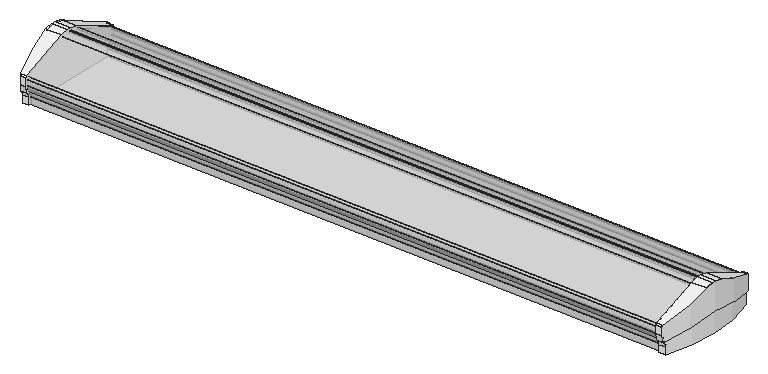
Revit family "0044872 Lighting Fixture_Sylvania_DeltaWing-LED-Electronic_Ceiling Surface", category Lighting Fixtures, host Face, Revit 2017
Family settings
  Host = Face
  Round Connector Dimension = Use Diameter
  Part Type = Normal
  OmniClass Number = 23.80.70.11.17
  OmniClass Title = Specialized Lighting by Location or Use
  Cut with Voids When Loaded = No
  Light Source = Yes
  Shared = No
  Room Calculation Point = No
Parameters (values of type "DELTAWING LED50 EB 3K 1200")
  Width = 200.0 mm
  Weight = 3.40 kg
  Wattage = 48.8822 W
  built-in parameter 1150110 = 1 (stored number, unit not read)
  Voltage Comments = "UNV (Universal Voltage; 220-240 Volt)"  # constant formula
  Voltage = 230 V  # constant formula
  URL = "http://www.sylvania-lighting.com"
  built-in parameter 1114217 = 1 (stored number, unit not read)
  Tilt Angle = -90.00°
  built-in parameter 1150109 = 1 (stored number, unit not read)
  built-in parameter 1150134 = (empty or 0)
  Ta Rating = "-10°C  to +25°C"  # constant formula
  built-in parameter 1150113 = 1 (stored number, unit not read)
  Product Page URL = "http://www.sylvania-lighting.com/product/en-int/products/0044872"
  Product Family = "DELTAWING LED - ELECTRONIC"  # constant formula
  Photometry Comments = ""
  Photometric Web File = "0044872_DELTAWINGLED50EB3K1200-197947.ies"
  Life = "50 000h"  # constant formula
  Length = 1218.0 mm
  LOR = "100%"
  Inrush Current (max. quantity per 16A C breaker) = "20"  # constant formula
  IP Rating = "IP44"  # constant formula
  IK Rating = "IK08"  # constant formula
  Height = 85.0 mm
  Glow Wire Test = 850 °C  # constant formula
  Glare Control = "UGR<23"  # constant formula
  Emit from Line Length = Length - 2.0 mm * 29  # 1160.0 mm
  Electrical Protection = "Class I"  # constant formula
  Drive Current = "300mA"  # constant formula
  built-in parameter 1114216 [instance] = 1 (stored number, unit not read)
  Cap Material = Plastic_Sylvania_DeltaWing_White
  Model = "DELTAWING LED50 EB 3K 1200"
  Manufacturer = "Feilo Sylvania"
  built-in parameter 1150105 = 1605.3 (stored number, unit not read)
  Lumens = 5029 lm
  built-in parameter 1150115 = 1 (stored number, unit not read)
  built-in parameter 1150137 = (empty or 0)
  built-in parameter 1150139 = (empty or 0)
  built-in parameter 1150112 = 1 (stored number, unit not read)
  built-in parameter 1150114 = 1 (stored number, unit not read)
  Lamp = "\tIntegrated LED"  # constant formula
  built-in parameter 1150132 = 2
  built-in parameter 1150102 = (empty or 0)
  built-in parameter 1150107 = 3000 (stored number, unit not read)
  built-in parameter 1150138 = (empty or 0)
  built-in parameter 1150106 = 16.053 (stored number, unit not read)
  CRI (Ra) = "> 80"  # constant formula
  Body Material = Steel_Sylvania_DeltaWing_White
  built-in parameter 1150104 = 9.5579 (stored number, unit not read)
  Dimming Lamp Color Temperature Shift = <None>
  Diffuser Material = Polycarbonate_Sylvania_DeltaWing_Opal_3000K
  Description = "Low profile surface and suspended LED diffuser luminaire DeltaWing LED is perfect to fulfil a wide range of applications, including educational environments, medical buildings, storage facilities and circulation areas including stairwells High performance: delivers up to 7,260lm (luminaire lumen output on 4,000K version), and up to 102lm/W (total system efficiency) Available in neutral white (4,000K) and warm white (3,000K) Smooth Polycarbonate extruded diffuser provides high efficiency, while minimising glare Precision prisms designed to optimise light output and reduce glare Options of non-dimmable, DALI, 3 hour maintained Emergency and Integrated Microwave sensor as standard Integrated Microwave sensor mounted discretely behind the diffuser helps further reduce energy and maintenance bills Suitable for suspended mounting using wire suspension kit (to be ordered seperately) BESA box connection possibility standard on product Long lifetime: 50,000 hours life at 70% of the original output L70 Energy class: A++, A+, A"  # constant formula
  Default Elevation = 0.0 mm
  Color Filter = 16777215
  Catalog Number = "0044872 DELTAWING LED50 EB 3K 1200"
  built-in parameter 1140040 [instance] = 1
  built-in parameter 1114218 = 1 (stored number, unit not read)
  built-in parameter 1150133 = 10 (stored number, unit not read)
  Assembly Code = "D5020200"
  Apparent Load = 50 VA
Reference planes
  plane 1 "Center (Front/Back)": y = 0
  plane 2 "Fixture Top": z = 0
  plane 3 "Center (Left/Right)": x = 0
  plane 4 "Fixture Left": x = -609
  plane 5 "Fixture Right": x = 609
  plane 6 "Fixture Back": y = 100
  plane 7 "Fixture Front": y = -100
  plane 8 "Cap left": x = -580
  plane 9 "Cap Right": x = 580
  plane 10 "Lamp Plane": z = 22
  plane 11 "Fixture Bottom": z = 85
  plane 12: y = 20
  plane 13: y = -20
Forms (mm)
  Extrusion 1, solid, material "Steel_Sylvania_DeltaWing_White" <- "Body Material", detail levels fine
    sketch origin (0, 0, 0) x (0, 1, 0) y (0, 0, 1)
      loop
        line (-88.5, 0) -> (88.5, 0) -> (88.5, 13.239) -> (90.848, 22) -> (88.777, 22) -> (86.5, 13.502) -> (86.5, 2) -> (-86.5, 2) -> (-86.5, 13.502) -> (-88.777, 22) -> (-90.848, 22) -> (-88.5, 13.239) -> (-88.5, 0)
    from -580 to 580
  Extrusion 2, solid, material "Polycarbonate_Sylvania_DeltaWing_Opal_3000K" <- "Diffuser Material", detail levels fine
    sketch origin (0, 0, 0) x (0, 1, 0) y (0, 0, 1)
      loop
        line (96, 33.502) -> (94.018, 26.104) -> (92.041, 26.455) -> (88.5, 13.239) -> (88.5, 0) -> (90.5, 0) -> (90.5, 12.975) -> (93.498, 24.165) -> (95.475, 23.815) -> (98, 33.238) -> (98, 44.42)
        arc (98, 44.42) -> (97.319, 46.653) -> (95.506, 48.125) r 4
        line (95.506, 48.125) -> (16.971, 80.055)
        arc (16.971, 80.055) -> (9.581, 82.257) -> (1.906, 83) r 40
        line (1.906, 83) -> (-1.906, 83)
        arc (-1.906, 83) -> (-9.581, 82.257) -> (-16.971, 80.055) r 40
        line (-16.971, 80.055) -> (-95.506, 48.125)
        arc (-95.506, 48.125) -> (-97.319, 46.653) -> (-98, 44.42) r 4
        line (-98, 44.42) -> (-98, 33.238) -> (-95.475, 23.815) -> (-93.498, 24.165) -> (-90.5, 12.975) -> (-90.5, 0) -> (-88.5, 0) -> (-88.5, 13.239) -> (-92.041, 26.455) -> (-94.018, 26.104) -> (-96, 33.502) -> (-96, 43.074)
        arc (-96, 43.074) -> (-95.319, 45.307) -> (-93.506, 46.779) r 4
        line (-93.506, 46.779) -> (-15.978, 78.299)
        arc (-15.978, 78.299) -> (-9.922, 80.17) -> (-3.638, 81) r 37.685
        line (-3.638, 81) -> (3.638, 81)
        arc (3.638, 81) -> (9.922, 80.17) -> (15.978, 78.299) r 37.685
        line (15.978, 78.299) -> (93.506, 46.779)
        arc (93.506, 46.779) -> (95.319, 45.307) -> (96, 43.074) r 4
        line (96, 43.074) -> (96, 33.502)
    from -580 to 580
  Extrusion 3, solid, material "Steel_Sylvania_DeltaWing_White" <- "Body Material", detail levels coarse+medium
    sketch origin (0, 0, 0) x (0, 1, 0) y (0, 0, 1)
      loop
        line (-16.971, 80.055) -> (-95.506, 48.125)
        arc (-95.506, 48.125) -> (-97.319, 46.653) -> (-98, 44.42) r 4
        line (-98, 44.42) -> (-98, 33.238) -> (-95.475, 23.815) -> (-93.498, 24.165) -> (-90.5, 12.975) -> (-90.5, 0) -> (90.5, 0) -> (90.5, 12.975) -> (93.498, 24.165) -> (95.475, 23.815) -> (98, 33.238) -> (98, 44.42)
        arc (98, 44.42) -> (97.319, 46.653) -> (95.506, 48.125) r 4
        line (95.506, 48.125) -> (16.971, 80.055)
        arc (16.971, 80.055) -> (9.581, 82.257) -> (1.906, 83) r 40
        line (1.906, 83) -> (-1.906, 83)
        arc (-1.906, 83) -> (-9.581, 82.257) -> (-16.971, 80.055) r 40
    from -580 to 580
Dimensions and locks
  equal spacing: plane 4 "Fixture Left", plane 3 "Center (Left/Right)", plane 5 "Fixture Right"
  "Length": plane 4 "Fixture Left" to plane 5 "Fixture Right"
  locked: plane 4 "Fixture Left" to plane 8 "Cap left" at 29
  locked: plane 9 "Cap Right" to plane 5 "Fixture Right" at 29
  "Height": plane 11 "Fixture Bottom" to plane 2 "Fixture Top"
  equal spacing: plane 6 "Fixture Back", plane 1 "Center (Front/Back)", plane 7 "Fixture Front"
  "Width": plane 6 "Fixture Back" to plane 7 "Fixture Front"
  equal spacing: plane 12, plane 1 "Center (Front/Back)", plane 13
  locked: Extrusion 1 sketch curve to Extrusion 1 sketch curve at 2
  locked: plane 10 "Lamp Plane" to Extrusion 1 sketch curve at 8.498  (x2)
  aligned and locked: level to host face
  aligned and locked: nested 1 to plane 1 "Center (Front/Back)"
  aligned and locked: nested 1 to plane 5 "Fixture Right"
  aligned and locked: nested 2 to plane 4 "Fixture Left"
  aligned and locked: plane 2 "Fixture Top" to Extrusion 1 sketch curve
  aligned and locked: Extrusion 1 to plane 8 "Cap left"
  aligned and locked: plane 9 "Cap Right" to Extrusion 1
  aligned and locked: Extrusion 2 to plane 8 "Cap left"
  aligned and locked: plane 9 "Cap Right" to Extrusion 2
  aligned and locked: Extrusion 3 sketch curve to Extrusion 2  (x2)
  aligned and locked: Extrusion 3 to plane 8 "Cap left"
  aligned and locked: plane 9 "Cap Right" to Extrusion 3
  aligned and locked: plane 2 "Fixture Top" to nested 2
  aligned and locked: nested 1 to plane 2 "Fixture Top"
  aligned and locked: plane 10 "Lamp Plane" to Extrusion 1 sketch curve  (x2)
  aligned and locked: Extrusion 3 sketch curve to plane 2 "Fixture Top"
  aligned and locked: plane 2 "Fixture Top" to Extrusion 2 sketch curve
  aligned and locked: Extrusion 2 sketch curve to plane 2 "Fixture Top"
  aligned and locked: imposter light to plane 1 "Center (Front/Back)"
  aligned and locked: plane 3 "Center (Left/Right)" to imposter light
  aligned and locked: plane 11 "Fixture Bottom" to imposter light
Automatic sketch dimensions
  host sketch curve to host sketch curve = 1713.741 mm
  host sketch curve to host sketch curve = 1283.632 mm
  plane 7 "Fixture Front" to Extrusion 2 sketch curve = 2.0 mm
  Extrusion 2 sketch curve to plane 10 "Lamp Plane" = 9.025 mm  (x2)
  Extrusion 2 sketch curve to Extrusion 2 sketch curve = 2.0 mm  (x8)
  Extrusion 2 sketch curve to Extrusion 2 sketch curve = 2.494 mm
  plane 10 "Lamp Plane" to Extrusion 2 sketch curve = 1.815 mm  (x2)
  plane 7 "Fixture Front" to Extrusion 2 sketch curve = 4.525 mm
  Extrusion 2 sketch curve to Extrusion 2 sketch curve = 1.457 mm  (x2)
  plane 10 "Lamp Plane" to Extrusion 2 sketch curve = 2.165 mm  (x2)
  Extrusion 2 sketch curve to Extrusion 2 sketch curve = 0.52 mm
  Extrusion 2 sketch curve to Extrusion 2 sketch curve = 1.977 mm  (x3)
  plane 7 "Fixture Front" to Extrusion 2 sketch curve = 9.5 mm
  plane 13 to Extrusion 2 sketch curve = 3.029 mm
  Extrusion 2 sketch curve to Extrusion 2 sketch curve = 0.993 mm  (x2)
  plane 1 "Center (Front/Back)" to Extrusion 2 sketch curve = 3.638 mm
  plane 1 "Center (Front/Back)" to Extrusion 2 sketch curve = 1.906 mm
  Extrusion 2 sketch curve to plane 1 "Center (Front/Back)" = 1.906 mm
  Extrusion 2 sketch curve to Extrusion 2 sketch curve = 1.732 mm
  plane 12 to Extrusion 2 sketch curve = 4.022 mm
  Extrusion 2 sketch curve to plane 6 "Fixture Back" = 11.5 mm
  Extrusion 2 sketch curve to plane 6 "Fixture Back" = 7.959 mm
  Extrusion 2 sketch curve to plane 6 "Fixture Back" = 6.494 mm
  Extrusion 2 sketch curve to plane 6 "Fixture Back" = 4.0 mm
  Extrusion 2 sketch curve to plane 6 "Fixture Back" = 2.0 mm
  Extrusion 2 sketch curve to Extrusion 2 sketch curve = 0.041 mm  (x2)
  Extrusion 2 sketch curve to Extrusion 2 sketch curve = 1.506 mm
  Extrusion 2 sketch curve to Extrusion 2 sketch curve = 0.494 mm
  Extrusion 2 sketch curve to Extrusion 2 sketch curve = 0.263 mm  (x4)
  Extrusion 2 sketch curve to Extrusion 2 sketch curve = 1.939 mm  (x2)
  Extrusion 2 sketch curve to Extrusion 2 sketch curve = 0.351 mm  (x2)
  Extrusion 2 sketch curve to Extrusion 2 sketch curve = 7.134 mm  (x2)
  Extrusion 2 sketch curve to Extrusion 2 sketch curve = 9.572 mm  (x2)
  Extrusion 2 sketch curve to Extrusion 2 sketch curve = 1.346 mm  (x2)
  Extrusion 2 sketch curve to plane 11 "Fixture Bottom" = 6.701 mm
  Extrusion 2 sketch curve to Extrusion 2 sketch curve = 0.0 mm
  Extrusion 2 sketch curve to Extrusion 2 sketch curve = 1.755 mm  (x2)
  Extrusion 2 sketch curve to Extrusion 2 sketch curve = 2.701 mm
  Extrusion 1 sketch curve to Extrusion 1 sketch curve = 2.0 mm  (x2)
  Extrusion 1 sketch curve to Extrusion 1 sketch curve = 0.263 mm  (x2)
  Extrusion 1 sketch curve to Extrusion 1 sketch curve = 2.071 mm  (x2)
  plane 7 "Fixture Front" to Extrusion 1 sketch curve = 9.152 mm
  plane 13 to Extrusion 3 sketch curve = 3.029 mm
  Extrusion 3 sketch curve to Extrusion 3 sketch curve = 1.506 mm  (x2)
  Extrusion 3 sketch curve to Extrusion 3 sketch curve = 11.181 mm  (x2)
  plane 10 "Lamp Plane" to Extrusion 3 sketch curve = 1.815 mm  (x2)
  plane 7 "Fixture Front" to Extrusion 3 sketch curve = 4.525 mm
  plane 10 "Lamp Plane" to Extrusion 3 sketch curve = 2.165 mm  (x2)
  Extrusion 3 sketch curve to Extrusion 3 sketch curve = 1.977 mm  (x2)
  plane 7 "Fixture Front" to Extrusion 3 sketch curve = 9.5 mm
  Extrusion 3 sketch curve to plane 10 "Lamp Plane" = 9.025 mm  (x2)
  plane 1 "Center (Front/Back)" to Extrusion 3 sketch curve = 1.906 mm
  plane 10 "Lamp Plane" to Extrusion 3 sketch curve = 21.0 mm
  plane 12 to Extrusion 3 sketch curve = 3.029 mm
  Extrusion 3 sketch curve to plane 1 "Center (Front/Back)" = 1.906 mm
  Extrusion 3 sketch curve to plane 6 "Fixture Back" = 4.494 mm
  Extrusion 3 sketch curve to Extrusion 3 sketch curve = 0.0 mm
  plane 10 "Lamp Plane" to Extrusion 3 sketch curve = 26.125 mm
  Extrusion 3 sketch curve to plane 6 "Fixture Back" = 2.0 mm
  Extrusion 3 sketch curve to plane 6 "Fixture Back" = 4.525 mm
  Extrusion 3 sketch curve to plane 6 "Fixture Back" = 9.5 mm
  Extrusion 1 sketch curve to plane 6 "Fixture Back" = 11.223 mm
  plane 7 "Fixture Front" to Extrusion 1 sketch curve = 11.5 mm
  Extrusion 1 sketch curve to plane 6 "Fixture Back" = 13.5 mm
Nested families
  nested 1: "Cap" at (580, 0, 0) x (0, 1, 0) z (0, 0, 1), type "Type"
  nested 2: "Cap" at (-580, 0, 0) x (0, 1, 0) z (0, 0, 1), type "Type"
Connectors
  electrical at (0, 0, 0), driven by "Voltage", driven by "Apparent Load"
    settings: on Extrusion 1, index 1, voltage 230 V, apparent load 0 VA, apparent load phase1 50 VA, apparent load phase2 0 VA, apparent load phase3 0 VA, power factor 1, load classification "Lighting", number of poles 1, system type 31, power factor state 1, is connector primary yes, connector utility no, sub classification motor no, connector description ""
Definition of nested family "Cap"
  Parameters
    Height = 85.0 mm
    Width = 200.0 mm
    Default Elevation = 0.0 mm
    Cap Material = none
  Reference planes
    plane 1 "Center (Front/Back)": y = 0
    plane 2: z = 0
    plane 3 "Center (Left/Right)": x = 0
    plane 4: x = 100
    plane 5: x = -100
    plane 6: y = -29
    plane 7: y = -10
    plane 8: z = 85
    plane 9: z = 17
    plane 10: z = 22
    plane 11: z = 37
  Forms (mm)
    Extrusion 1, solid, material <- "Cap Material"
      sketch origin (0, 0, 0) x (1, 0, 0) y (0, 1, 0)
        loop
          line (-100, 0) -> (-100, -10)
          arc (-100, -10) -> (0, -28.818) -> (100, -10) r 275.114
          line (100, -10) -> (100, 0) -> (-100, 0)
      from 0 to 85
    Extrusion 2, void
      sketch origin (0, 0, 0) x (1, 0, 0) y (0, 0, 1)
        loop
          line (-92.5, 0) -> (-92.5, 12.712) -> (-94.955, 21.876) -> (-96.887, 21.358) -> (-101.913, 40.115)
          arc (-101.913, 40.115) -> (-101.345, 45.755) -> (-97.183, 49.603) r 8
          line (-97.183, 49.603) -> (-17.481, 82.006)
          arc (-17.481, 82.006) -> (-8.901, 84.444) -> (0, 85) r 41.685
          arc (0, 85) -> (8.901, 84.444) -> (17.481, 82.006) r 41.685
          line (17.481, 82.006) -> (97.183, 49.603)
          arc (97.183, 49.603) -> (101.345, 45.755) -> (101.913, 40.115) r 8
          line (101.913, 40.115) -> (96.887, 21.358) -> (94.955, 21.876) -> (92.5, 12.712) -> (92.5, 0) -> (117.5, 0) -> (117.5, 106.013) -> (-117.5, 106.013) -> (-117.5, 0) -> (-92.5, 0)
      from 0 to 250
    Extrusion 3, void
      sketch origin (0, 0, 0) x (1, 0, 0) y (0, 0, 1)
        loop
          line (-94.955, 21.876) -> (-100, 20.524) -> (-100, 0) -> (100, 0) -> (100, 20.524) -> (94.955, 21.876) -> (10.419, 36.87)
          arc (10.419, 36.87) -> (0, 37.781) -> (-10.419, 36.87) r 60
          line (-10.419, 36.87) -> (-94.955, 21.876)
      from -68.585 to 250
    Extrusion 4, solid, material <- "Cap Material"
      sketch origin (0, 0, 0) x (1, 0, 0) y (0, 1, 0)
        loop
          line (-100, 0) -> (-100, -9.525)
          arc (-100, -9.525) -> (0.169, -27.445) -> (100, -7.727) r 275.114
          line (100, -7.727) -> (100, 0) -> (-100, 0)
      from 0 to 85
    Extrusion 5, void
      sketch origin (0, 0, 0) x (1, 0, 0) y (0, 0, 1)
        loop
          line (-92.5, 0) -> (-92.5, 12.712) -> (-94.955, 21.876) -> (-96.887, 21.358) -> (-101.913, 40.115)
          arc (-101.913, 40.115) -> (-101.345, 45.755) -> (-97.183, 49.603) r 8
          line (-97.183, 49.603) -> (-17.481, 82.006)
          arc (-17.481, 82.006) -> (-8.901, 84.444) -> (0, 85) r 41.685
          arc (0, 85) -> (8.901, 84.444) -> (17.481, 82.006) r 41.685
          line (17.481, 82.006) -> (97.183, 49.603)
          arc (97.183, 49.603) -> (101.345, 45.755) -> (101.913, 40.115) r 8
          line (101.913, 40.115) -> (96.887, 21.358) -> (94.955, 21.876) -> (92.5, 12.712) -> (92.5, 0) -> (117.5, 0) -> (117.5, 106.013) -> (-117.5, 106.013) -> (-117.5, 0) -> (-92.5, 0)
      from 0 to 250
  Cuts and joins
    Extrusion 2, Extrusion 3, Extrusion 5 cuts Extrusion 1
    Extrusion 5 cuts Extrusion 4
    joined: Extrusion 1, Extrusion 4
  Dimensions and locks
    equal spacing: plane 5, plane 3 "Center (Left/Right)", plane 4
    "Width": plane 5 to plane 4
    locked: plane 1 "Center (Front/Back)" to plane 6 at 29
    plane 1 "Center (Front/Back)" to plane 7 = 10.0 mm
    "Height": plane 8 to level
    plane 9 to plane 2 = 17.0 mm
    plane 10 to plane 9 = 5.0 mm
    Extrusion 2 sketch curve to plane 5 = 7.5 mm
    aligned and locked: level to plane 2
    aligned and locked: plane 1 "Center (Front/Back)" to Extrusion 1 sketch curve
    aligned and locked: Extrusion 1 sketch curve to plane 5
    aligned and locked: Extrusion 1 sketch curve to plane 4
    aligned and locked: plane 7 to Extrusion 1 sketch curve  (x2)
    aligned and locked: Extrusion 1 to plane 2
    aligned and locked: plane 8 to Extrusion 1
  Automatic sketch dimensions
    Extrusion 1 sketch curve to plane 1 "Center (Front/Back)" = 246.296 mm
    Extrusion 2 sketch curve to plane 5 = 17.5 mm
    Extrusion 2 sketch curve to plane 9 = 4.288 mm
    Extrusion 2 sketch curve to plane 3 "Center (Left/Right)" = 0.0 mm
    Extrusion 2 sketch curve to plane 8 = 0.0 mm
    Extrusion 2 sketch curve to plane 5 = 1.913 mm
    plane 5 to Extrusion 2 sketch curve = 2.817 mm
    plane 10 to Extrusion 2 sketch curve = 0.642 mm  (x2)
    plane 5 to Extrusion 2 sketch curve = 3.113 mm
    plane 10 to Extrusion 2 sketch curve = 0.124 mm  (x2)
    Extrusion 2 sketch curve to plane 8 = 2.994 mm  (x2)
    Extrusion 2 sketch curve to plane 3 "Center (Left/Right)" = 17.481 mm
    plane 3 "Center (Left/Right)" to Extrusion 2 sketch curve = 17.481 mm
    Extrusion 2 sketch curve to plane 4 = 7.5 mm
    Extrusion 2 sketch curve to plane 4 = 5.045 mm
    Extrusion 2 sketch curve to Extrusion 2 sketch curve = 1.932 mm
    Extrusion 2 sketch curve to plane 4 = 2.817 mm
    plane 4 to Extrusion 2 sketch curve = 1.913 mm
    plane 4 to Extrusion 2 sketch curve = 17.5 mm
    plane 5 to Extrusion 2 sketch curve = 5.814 mm
    Extrusion 2 sketch curve to plane 3 "Center (Left/Right)" = 1.865 mm
    plane 3 "Center (Left/Right)" to Extrusion 2 sketch curve = 1.865 mm
    Extrusion 2 sketch curve to plane 4 = 5.814 mm
    Extrusion 2 sketch curve to Extrusion 2 sketch curve = 9.488 mm  (x2)
    plane 8 to Extrusion 2 sketch curve = 21.013 mm
    Extrusion 2 sketch curve to level = 0.0 mm  (x2)
    Extrusion 3 sketch curve to plane 3 "Center (Left/Right)" = 0.0 mm
    plane 10 to Extrusion 3 sketch curve = 0.124 mm  (x2)
    Extrusion 3 sketch curve to plane 3 "Center (Left/Right)" = 10.419 mm
    plane 3 "Center (Left/Right)" to Extrusion 3 sketch curve = 10.419 mm
    plane 11 to Extrusion 3 sketch curve = 0.13 mm
    plane 10 to Extrusion 3 sketch curve = 1.476 mm  (x2)
    Extrusion 3 sketch curve to level = 0.0 mm
    Extrusion 3 sketch curve to plane 5 = 0.0 mm
    Extrusion 3 sketch curve to Extrusion 3 sketch curve = 22.219 mm
    plane 5 to Extrusion 3 sketch curve = 5.045 mm
    Extrusion 3 sketch curve to plane 4 = 5.045 mm
    plane 4 to Extrusion 3 sketch curve = 0.0 mm
    plane 1 "Center (Front/Back)" to Extrusion 4 sketch curve = 0.0 mm
    Extrusion 4 sketch curve to plane 5 = 0.0 mm
    Extrusion 4 sketch curve to plane 4 = 0.0 mm
    plane 7 to Extrusion 4 sketch curve = 2.273 mm
    plane 7 to Extrusion 4 sketch curve = 0.475 mm
    Extrusion 4 sketch curve to plane 1 "Center (Front/Back)" = 247.658 mm
    Extrusion 5 sketch curve to level = 0.0 mm  (x2)
    Extrusion 5 sketch curve to plane 5 = 17.5 mm
    Extrusion 5 sketch curve to plane 9 = 4.288 mm  (x2)
    Extrusion 5 sketch curve to plane 3 "Center (Left/Right)" = 0.0 mm
    Extrusion 5 sketch curve to plane 8 = 0.0 mm
    Extrusion 5 sketch curve to plane 5 = 1.913 mm
    plane 5 to Extrusion 5 sketch curve = 2.817 mm
    plane 10 to Extrusion 5 sketch curve = 0.642 mm  (x2)
    plane 5 to Extrusion 5 sketch curve = 3.113 mm
    plane 10 to Extrusion 5 sketch curve = 0.124 mm  (x2)
    Extrusion 5 sketch curve to Extrusion 5 sketch curve = 1.932 mm
    Extrusion 5 sketch curve to plane 8 = 2.994 mm  (x2)
    Extrusion 5 sketch curve to plane 3 "Center (Left/Right)" = 17.481 mm
    plane 3 "Center (Left/Right)" to Extrusion 5 sketch curve = 17.481 mm
    Extrusion 5 sketch curve to plane 4 = 7.5 mm
    Extrusion 5 sketch curve to plane 4 = 5.045 mm
    Extrusion 5 sketch curve to plane 4 = 2.817 mm
    plane 4 to Extrusion 5 sketch curve = 1.913 mm
    plane 4 to Extrusion 5 sketch curve = 17.5 mm
    plane 5 to Extrusion 5 sketch curve = 5.814 mm
    Extrusion 5 sketch curve to plane 3 "Center (Left/Right)" = 1.865 mm
    plane 3 "Center (Left/Right)" to Extrusion 5 sketch curve = 1.865 mm
    Extrusion 5 sketch curve to plane 4 = 5.814 mm
    Extrusion 5 sketch curve to Extrusion 5 sketch curve = 9.488 mm  (x2)
    plane 8 to Extrusion 5 sketch curve = 21.013 mm
